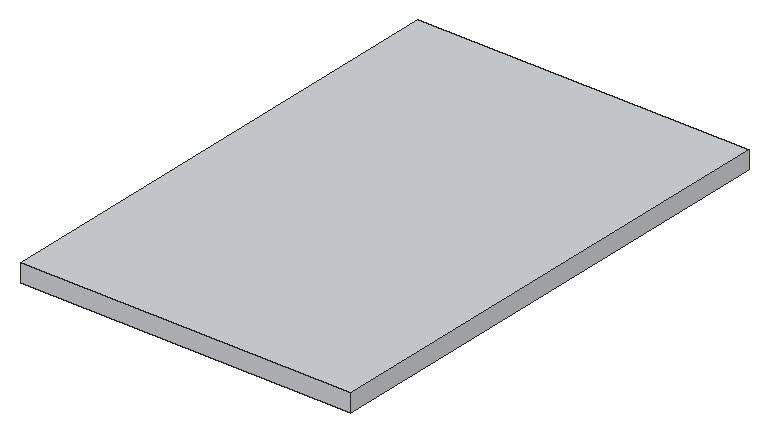
Revit family "MAXI400xGRxx", category Leuchten, Revit 2020
Family settings
  Basisbauteil = Fläche
  Bemaßung runder Anschluss = Durchmesser verwenden
  Teiletyp = Normal
  OmniClass-Nummer = 23.80.70.11
  OmniClass-Titel = Luminaries for Internal Lighting
  Beim Laden mit Abzugskörper schneiden = Nein
  Lichtquelle = Ja
  Gemeinsam genutzt = Nein
  Raumberechnungspunkt = Nein
Parameters (values of type "MAXI400DAGR830LSR0300")
  width = 400 mm  # constant formula
  weight = "2.2 kg"  # constant formula
  voltage type (AC, DC, UC) = "AC"
  rated input power = 29
  product name = "MAXI400DAGR830LSR0300"
  nominal voltage = "230"
  nominal frequency = "50-60Hz"
  length = 400 mm  # constant formula
  ingress protection (IP) code = "IP20"
  height = 114 mm  # constant formula
  electrical safety class = "1"
  control gear = ""
  conformity mark = "CE"  # constant formula
  brand = "RIDI"
  approval mark = ""
  built-in parameter 1150104 = 13.8 (stored number, unit not read)
  Wattage = 18.8499 W
  Von Kreisdurchmesser aussenden = 394 mm
  Default Elevation = 0 mm
  built-in parameter 1150113 = 1 (stored number, unit not read)
  built-in parameter 1114218 = 1 (stored number, unit not read)
  URL = "www.ridi.de"
  built-in parameter 1150134 = (empty or 0)
  built-in parameter 1150109 = 1 (stored number, unit not read)
  built-in parameter 1150110 = 1 (stored number, unit not read)
  Apparent Load = 29 VA
  Tilt Angle = 90.00°
  Modell = "0637949"
  built-in parameter 1114217 = 1 (stored number, unit not read)
  built-in parameter 1150139 = (empty or 0)
  built-in parameter 1150105 = 222.82 (stored number, unit not read)
  built-in parameter 1150114 = 1 (stored number, unit not read)
  Lumens = 2800 lm
  built-in parameter 1150115 = 1 (stored number, unit not read)
  built-in parameter 1150112 = 1 (stored number, unit not read)
  Lampe = "LED"
  Hersteller = "RIDI Leuchten GmbH"  # constant formula
  Dimming Lamp Color Temperature Shift = (empty or 0)
  Color Filter = 16777215
  built-in parameter 1150133 = 10 (stored number, unit not read)
  Emit Shape Visible in Rendering = no
  built-in parameter 1150137 = (empty or 0)
  built-in parameter 1150132 = 2
  Datei für fotometrisches Netz = "MAXI-LSR_GRAU.IES"
  Copyright = "© RIDI. All rights reserved."  # constant formula
  built-in parameter 1150106 = 2.2282 (stored number, unit not read)
  Baugruppenkennzeichen = "D5020200"
  built-in parameter 1150107 = 3000 (stored number, unit not read)
  built-in parameter 1150102 = (empty or 0)
  built-in parameter 1150138 = (empty or 0)
Reference planes
  plane 1 "Mitte (Vorne/hinten)": y = 0
  plane 2: z = 0
  plane 3 "Mitte (Links/rechts)": x = 0
Forms (mm)
  Extrusion 1, solid
    sketch origin (219.2, 280.8, 0) x (1, 0, 0) y (0, 1, 0)
      loop
        line (-1219.2, 1219.2) -> (-1219.2, -1780.8) -> (780.8, -1780.8) -> (780.8, 1219.2) -> (-1219.2, 1219.2)
    from 0 to -107.307
Dimensions and locks
  aligned and locked: plane 2 to Extrusion 1
  aligned and locked: imposter light to plane 3 "Mitte (Links/rechts)"
  aligned and locked: imposter light to import instance
  aligned and locked: import instance to Extrusion 1
Connectors
  electrical at (-56.569, -20.738, 4.25), driven by "Apparent Load"
    settings: on import instance, index 1, voltage 230 V, apparent load 0 VA, apparent load phase1 29 VA, apparent load phase2 0 VA, apparent load phase3 0 VA, power factor 1, load classification "Lighting", number of poles 1, system type 31, power factor state 1, is connector primary yes, connector utility no, sub classification motor no, connector description ""
